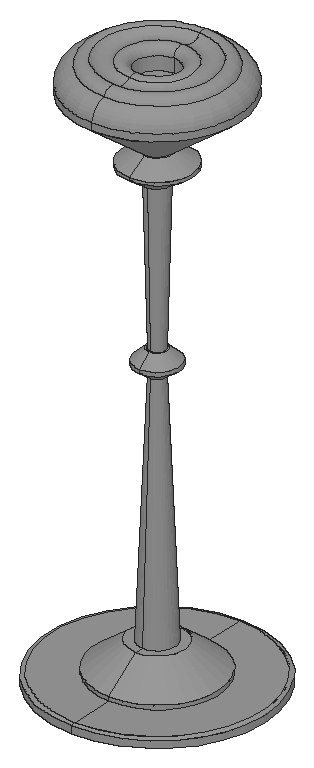
Revit family "Пепельница ПА026", category Антураж, Revit 2017
Family settings
  На основе рабочей плоскости = Нет
  Всегда вертикально = Да
  При загрузке вырезать с полостями = Нет
  Источник визуального образа = Геометрия семейства
  Общий = Нет
  Точка расчета площади = Нет
Parameters (values of type "Пепельница ПА026")
  Стоимость = 8335
  Изготовитель = "ООО «Хоббика»"
  Высота = 0 mm
  URL = "https://hobbyka.ru/product/pepelnica_pa026/?sphrase_id=88645"
  ADSK_Размер_Диаметр = 210 mm
  ADSK_Размер_Высота = 700 mm
  ADSK_Объем = 0.00 m³
  ADSK_Наименование = "Пепельница ПА026"
  ADSK_Материал урны = Латунь
  ADSK_Масса = 10.00 kg
  ADSK_Код изделия = "7313"
Reference planes
  plane 1 "По центру (Вперед/Назад)": y = 0
  plane 2: z = 0
  plane 3 "По центру (Влево/Вправо)": x = 0
  plane 4: z = 1019.814
Forms (mm)
  Revolve 1, solid, material "Латунь" <- "ADSK_Материал урны"
    sketch origin (0, 0, 0) x (0, 1, 0) y (0, 0, 1)
      loop
        line (0, 0) -> (0, 692) -> (-26.809, 692) -> (-26.809, 709.104)
        arc (-26.809, 709.104) -> (-33.009, 718.241) -> (-43.994, 717.118) r 10.77
        arc (-43.994, 717.118) -> (-57.056, 713.682) -> (-68.852, 720.259) r 18.073
        arc (-68.852, 720.259) -> (-78.686, 720.56) -> (-85.532, 713.494) r 12.177
        arc (-85.532, 713.494) -> (-98.949, 706.083) -> (-105, 692) r 23.64
        line (-105, 692) -> (-105, 683) -> (-19.95, 618) -> (-19.95, 617) -> (-44.289, 602) -> (-44.289, 598) -> (-19.487, 581) -> (-14.865, 581)
        arc (-14.865, 581) -> (-13.348, 483.583) -> (-9.843, 386.217) r 4773.144
        line (-9.843, 386.217) -> (-9.843, 384.217) -> (-10.843, 384.217) -> (-10.843, 386.217) -> (-12.668, 386.217) -> (-27.486, 372.784) -> (-27.486, 367.647) -> (-12.668, 356.716) -> (-10.843, 356.716) -> (-10.843, 358.716) -> (-9.843, 358.716) -> (-9.843, 356.716)
        arc (-9.843, 356.716) -> (-18.501, 202.7) -> (-23.193, 48.511) r 5993.428
        line (-23.193, 48.511) -> (-34.953, 48.511) -> (-77.888, 15.761) -> (-77.888, 11) -> (-133.431, 11) -> (-138.6, 9) -> (-138.6, 0) -> (0, 0)
      axis (0, 0) -> (0, 720.259)
    angle from 0 to 360
Dimensions and locks
  plane 4 to plane 2 = 1019.814 mm
  aligned and locked: level to plane 2
